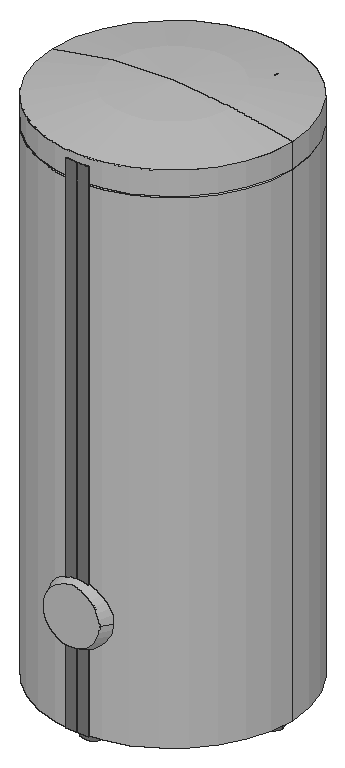
Revit family "VIESSMANN - Vitocell 100-V (CVA.CVAA.CVAA-A) 160-950 L", category Wyposażenie mechaniczne, Revit 2017
Family settings
  Wymiar okrągłego złącza = Użyj średnicy
  Typ części = Normalny
  Numer OmniClass = 23.65.35.11.11
  Tytuł OmniClass = Storage Water Heaters
  Oparty na płaszczyźnie roboczej = Nie
  Zawsze pionowo = Tak
  Tnij formami wycięć po wczytaniu = Tak
  Współdzielony = Nie
  Punkt obliczania pomieszczeń = Nie
Parameters (values of type "Zbiornik CVA 500L")
  Średnica - z izolacją cieplną = 859 mm
  Średnica - bez izolacji cieplnej = 650 mm
  Wysokośc powrotu wody grzewczej = 637.729 mm
  Wysokośc montażu grzałki = 422 mm
  Podział = Średnica z izolacją cieplną  # 859 mm
  Występ króćców = 455 mm
  Wysokość króćca zimna woda użytkowa = 107 mm
  Wysokość króćca zasilania wodą grzewczą = 924 mm
  Wysokość króćca cyrkulacji = 1230 mm
  Wysokość króćca cwu = 1784 mm
  Wysokość = 1948 mm
  Średnica z izolacją cieplną = 859 mm
  Zimna woda użytkowa = 1 1/4"
  Zasilanie wody grzewczej = 1"
  Wysokość - z izolacją cieplną = 1948 mm
  Wysokość - bez izolacji cieplnej = 1844 mm
  Wymiar przechylenia - z izolacją cieplną = 0 mm
  Wymiar przechylenia - bez izolacji cieplnej = 1860 mm
  Wydajność stała (przy podgrzewie cwu z 10 na 60℃) i temperaturze na zasilaniu wodą grzewczą 90℃ = 53000 W
  Wydajność stała (przy podgrzewie cwu z 10 na 60℃) i temperaturze na zasilaniu wodą grzewczą 80℃ = 44000 W
  Wydajność stała (przy podgrzewie cwu z 10 na 60℃) i temperaturze na zasilaniu wodą grzewczą 70℃ = 33000 W
  Wydajność stała (przy podgrzewie cwu z 10 na 45℃) i temperaturze na zasilaniu wodą grzewczą 90℃ = 70000 W
  Wydajność stała (przy podgrzewie cwu z 10 na 45℃) i temperaturze na zasilaniu wodą grzewczą 80℃ = 58000 W
  Wydajność stała (przy podgrzewie cwu z 10 na 45℃) i temperaturze na zasilaniu wodą grzewczą 70℃ = 45000 W
  Wydajność stała (przy podgrzewie cwu z 10 na 45℃) i temperaturze na zasilaniu wodą grzewczą 60℃ = 32000 W
  Wydajność stała (przy podgrzewie cwu z 10 na 45℃) i temperaturze na zasilaniu wodą grzewczą 50℃ = 24000 W
  Wydajność krótkotrwała przy temperaturze na zasilaniu wodą grzewczą 90℃ = "618 L/10min"
  Wydajność krótkotrwała przy temperaturze na zasilaniu wodą grzewczą 80℃ = "583 L/10min"
  Wydajność krótkotrwała przy temperaturze na zasilaniu wodą grzewczą 70℃ = "540 L/10min"
  Współczynnik mocy NL przy temperaturze na zasilaniu wodą grzewczą 90℃ = 21
  Współczynnik mocy NL przy temperaturze na zasilaniu wodą grzewczą 80℃ = 19
  Współczynnik mocy NL przy temperaturze na zasilaniu wodą grzewczą 70℃ = 16.5
  Viessmann Kolor 3 = Viessmann Kolor 3
  Viessmann Kolor 2 = Viessmann Kolor 2
  Viessmann Kolor 1 = Viessmann Kolor 1
  URL = "https://www.viessmann-projektant.pl/baza-urzadzen/zbiorniki-buforowe-i-cwu/podgrzewaczemonowalentne"
  Szerokość - z izolacją cieplną = 923 mm
  Szerokość - bez izolacji cieplnej = 837 mm
  Przepływ po stronie wody użytkowej = 1.72 m³/h
  Przepływ po stronie wody grzewczej = 3.00 m³/h  # constant formula
  Przepływ objętościowy wody grzewczej (przy podgrzewie cwu z 10 na 60℃) przy temperaturze na zasilaniu wodą grzewczą 90℃ = 0.911 m³/h
  Przepływ objętościowy wody grzewczej (przy podgrzewie cwu z 10 na 60℃) przy temperaturze na zasilaniu wodą grzewczą 80℃ = 0.756 m³/h
  Przepływ objętościowy wody grzewczej (przy podgrzewie cwu z 10 na 60℃) przy temperaturze na zasilaniu wodą grzewczą 70℃ = 0.567 m³/h
  Przepływ objętościowy wody grzewczej (przy podgrzewie cwu z 10 na 45℃) przy temperaturze na zasilaniu wodą grzewczą 90℃ = 1.72 m³/h
  Przepływ objętościowy wody grzewczej (przy podgrzewie cwu z 10 na 45℃) przy temperaturze na zasilaniu wodą grzewczą 80℃ = 1.425 m³/h
  Przepływ objętościowy wody grzewczej (przy podgrzewie cwu z 10 na 45℃) przy temperaturze na zasilaniu wodą grzewczą 70℃ = 1.106 m³/h
  Przepływ objętościowy wody grzewczej (przy podgrzewie cwu z 10 na 45℃) przy temperaturze na zasilaniu wodą grzewczą 60℃ = 0.786 m³/h
  Przepływ objętościowy wody grzewczej (przy podgrzewie cwu z 10 na 45℃) przy temperaturze na zasilaniu wodą grzewczą 50℃ = 0.589 m³/h
  Przepływ objętościowy wody grzewczej (dla podanych wydajności stałych) = 3.00 m³/h  # constant formula
  Producent = "Viessmann Sp.z.o.o."  # constant formula
  Powrót wody grzewczej = 1"
  Powierzchnia grzewcza = 1.9 m²
  Pojemność podgrzewacza = 500.0 L
  Opory przepływu po stronie wody użytkowej = 8000.0 Pa
  Opory przepływu po stronie wody grzewczej = 21000.0 Pa
  Opis indeksowy = "9W241/11-13MC/E"  # constant formula
  Opis = "Podgrzewacz pojemnościowy"  # constant formula
  Objętość wody grzewczej = 12.5 L
  Objętość brutto = 512.5 L
  Numer identyfikacyjny produktu = "9W241/11-13MC/E"  # constant formula
  Model = "Podgrzewacz pojemnościowy Viessmann Vitocell 100-V CVA 500L / Hot water storage tank Viessmann Vitocell 100-V CVA 500L"
  Masa całkowita z izolacją cieplną = 181.00 kg
  Maks. ilość pobierana przy temperaturze na zasilaniu wodą grzewczą 90℃ = "62 L/min"
  Maks. ilość pobierana przy temperaturze na zasilaniu wodą grzewczą 80℃ = "58 L/min"
  Maks. ilość pobierana przy temperaturze na zasilaniu wodą grzewczą 70℃ = "54 L/min"
  Klasa efektywności energetycznej = "B"
  Ilość ciepła dyżurnego = "1.95 kWh/24h"
  Czas podgrzewu cwu przy tempraturze zasilania wodą grzewczą 90℃ = "28 min"
  Czas podgrzewu cwu przy tempraturze zasilania wodą grzewczą 80℃ = "36 min"
  Czas podgrzewu cwu przy tempraturze zasilania wodą grzewczą 70℃ = "50 min"
  Cyrkulacja = 1"
  Ciepła woda użytkowa = 1 1/4"
  Autor = "https://www.archispace.pl/"
Types (6, lengths in mm): name | Średnica - z izolacją cieplną | Średnica - bez izolacji cieplnej | Wysokośc powrotu wody grzewczej | Wysokośc montażu grzałki | Podział | Występ króćców | Wysokość króćca zimna woda użytkowa | Wysokość króćca zasilania wodą grzewczą | Wysokość króćca cyrkulacji | Wysokość króćca cwu | Wysokość | Średnica z izolacją cieplną | Zimna woda użytkowa | Zasilanie wody grzewczej | Wysokość - z izolacją cieplną | Wysokość - bez izolacji cieplnej | Wymiar przechylenia - z izolacją cieplną | Wymiar przechylenia - bez izolacji cieplnej | Wydajność stała (przy podgrzewie cwu z 10 na 60℃) i temperaturze na zasilaniu wodą grzewczą 90℃ | Wydajność stała (przy podgrzewie cwu z 10 na 60℃) i temperaturze na zasilaniu wodą grzewczą 80℃ | Wydajność stała (przy podgrzewie cwu z 10 na 60℃) i temperaturze na zasilaniu wodą grzewczą 70℃ | Wydajność stała (przy podgrzewie cwu z 10 na 45℃) i temperaturze na zasilaniu wodą grzewczą 90℃ | Wydajność stała (przy podgrzewie cwu z 10 na 45℃) i temperaturze na zasilaniu wodą grzewczą 80℃ | Wydajność stała (przy podgrzewie cwu z 10 na 45℃) i temperaturze na zasilaniu wodą grzewczą 70℃ | Wydajność stała (przy podgrzewie cwu z 10 na 45℃) i temperaturze na zasilaniu wodą grzewczą 60℃ | Wydajność stała (przy podgrzewie cwu z 10 na 45℃) i temperaturze na zasilaniu wodą grzewczą 50℃ | Wydajność krótkotrwała przy temperaturze na zasilaniu wodą grzewczą 90℃ | Wydajność krótkotrwała przy temperaturze na zasilaniu wodą grzewczą 80℃ | Wydajność krótkotrwała przy temperaturze na zasilaniu wodą grzewczą 70℃ | Współczynnik mocy NL przy temperaturze na zasilaniu wodą grzewczą 90℃ | Współczynnik mocy NL przy temperaturze na zasilaniu wodą grzewczą 80℃ | Współczynnik mocy NL przy temperaturze na zasilaniu wodą grzewczą 70℃ | Szerokość - z izolacją cieplną | Szerokość - bez izolacji cieplnej | Przepływ po stronie wody użytkowej | Przepływ objętościowy wody grzewczej (przy podgrzewie cwu z 10 na 60℃) przy temperaturze na zasilaniu wodą grzewczą 90℃ | Przepływ objętościowy wody grzewczej (przy podgrzewie cwu z 10 na 60℃) przy temperaturze na zasilaniu wodą grzewczą 80℃ | Przepływ objętościowy wody grzewczej (przy podgrzewie cwu z 10 na 60℃) przy temperaturze na zasilaniu wodą grzewczą 70℃ | Przepływ objętościowy wody grzewczej (przy podgrzewie cwu z 10 na 45℃) przy temperaturze na zasilaniu wodą grzewczą 90℃ | Przepływ objętościowy wody grzewczej (przy podgrzewie cwu z 10 na 45℃) przy temperaturze na zasilaniu wodą grzewczą 80℃ | Przepływ objętościowy wody grzewczej (przy podgrzewie cwu z 10 na 45℃) przy temperaturze na zasilaniu wodą grzewczą 70℃ | Przepływ objętościowy wody grzewczej (przy podgrzewie cwu z 10 na 45℃) przy temperaturze na zasilaniu wodą grzewczą 60℃ | Przepływ objętościowy wody grzewczej (przy podgrzewie cwu z 10 na 45℃) przy temperaturze na zasilaniu wodą grzewczą 50℃ | Powrót wody grzewczej | Powierzchnia grzewcza | Pojemność podgrzewacza | Opory przepływu po stronie wody użytkowej | Opory przepływu po stronie wody grzewczej | Objętość wody grzewczej | Objętość brutto | Model | Masa całkowita z izolacją cieplną | Maks. ilość pobierana przy temperaturze na zasilaniu wodą grzewczą 90℃ | Maks. ilość pobierana przy temperaturze na zasilaniu wodą grzewczą 80℃ | Maks. ilość pobierana przy temperaturze na zasilaniu wodą grzewczą 70℃ | Klasa efektywności energetycznej | Ilość ciepła dyżurnego | Czas podgrzewu cwu przy tempraturze zasilania wodą grzewczą 90℃ | Czas podgrzewu cwu przy tempraturze zasilania wodą grzewczą 80℃ | Czas podgrzewu cwu przy tempraturze zasilania wodą grzewczą 70℃ | Cyrkulacja | Ciepła woda użytkowa
  Zbiornik CVAA-A/CVA 200L | 581 | 0 | 249 | 333 | 581 | 317 | 72 | 634 | 884 | 1270 | 1409 | 581 | 3/4" | 1" | 1409 | 0 | 1460 | 0 | 36000 W | 28000 W | 19000 W | 40000 W | 32000 W | 25000 W | 17000 W | 9000 W | "262 L/10min" | "252 L/10min" | "246 L/10min" | 4 | 3.7 | 3.5 | 605 | 0 | 0.982 m³/h | 0.619 m³/h | 0.482 m³/h | 0.327 m³/h | 0.982 m³/h | 0.786 m³/h | 0.614 m³/h | 0.417 m³/h | 0.221 m³/h | 1" | 1.0 m² | 200.0 L | 13000.0 Pa | 10500.0 Pa | 5.5 L | 205.5 L | "Podgrzewacz pojemnościowy Viessmann Vitocell 100-V CVAA-A/CVA 200L / Hot water storage tank Viessmann Vitocell 100-V CVAA-A/CVA 200L" | 97.00 kg | "26 L/min" | "25 L/min" | "25 L/min" | "A/B" | "1.04/1.46 kWh/24h" | "19 min" | "24 min" | "37 min" | 3/4" | 3/4"
  Zbiornik CVAA-A/CVA 160L | 581 | 0 | 249 | 333 | 581 | 317 | 72 | 634 | 884 | 1050 | 1189 | 581 | 3/4" | 1" | 1189 | 0 | 1260 | 0 | 36000 W | 28000 W | 19000 W | 40000 W | 32000 W | 25000 W | 17000 W | 9000 W | "210 L/10min" | "207 L/10min" | "199 L/10min" | 2.5 | 2.4 | 2.2 | 605 | 0 | 0.982 m³/h | 0.619 m³/h | 0.482 m³/h | 0.327 m³/h | 0.982 m³/h | 0.786 m³/h | 0.614 m³/h | 0.417 m³/h | 0.221 m³/h | 1" | 1.0 m² | 160.0 L | 13000.0 Pa | 10500.0 Pa | 5.5 L | 165.5 L | "Podgrzewacz pojemnościowy Viessmann Vitocell 100-V CVAA-A/CVA 160L / Hot water storage tank Viessmann Vitocell 100-V CVAA-A/CVA 160L" | 86.00 kg | "21 L/min" | "21 L/min" | "20 L/min" | "A/B" | "0.97/1.35 kWh/24h" | "19 min" | "24 min" | "34 min" | 3/4" | 3/4"
  Zbiornik CVAA 950L | 1062 | 790 | 637.729 | 502 | 1062 | 555 | 79 | 989 | 1283 | 2094 | 2197 | 1062 | 1 1/4" | 1 1/4" | 2197 | 2123 | 0 | 2286 | 101000 W | 80000 W | 58000 W | 116000 W | 98000 W | 78000 W | 58000 W | 35000 W | "937 L/10min" | "915 L/10min" | "875 L/10min" | 44 | 42 | 39 | 1110 | 1005 | 2.861 m³/h | 1.732 m³/h | 1.381 m³/h | 0.995 m³/h | 2.861 m³/h | 2.398 m³/h | 1.926 m³/h | 1.433 m³/h | 0.869 m³/h | 1 1/4" | 3.9 m² | 950.0 L | 25000.0 Pa | 7700.0 Pa | 33.1 L | 983.1 L | "Podgrzewacz pojemnościowy Viessmann Vitocell 100-V CVAA 950L / Hot water storage tank Viessmann Vitocell 100-V CVAA 950L" | 363.00 kg | "94 L/min" | "92 L/min" | "88 L/min" | "" | "2.48 kWh/24h" | "35 min" | "45 min" | "70 min" | 1 1/4" | 1 1/4"
  Zbiornik CVAA 300L | 667 | 0 | 260 | 333 | 667 | 361 | 76 | 875 | 1115 | 1600 | 1734 | 667 | 1" | 1" | 1734 | 0 | 1825 | 0 | 45000 W | 34000 W | 23000 W | 53000 W | 44000 W | 33000 W | 23000 W | 18000 W | "407 L/10min" | "399 L/10min" | "385 L/10min" | 9.7 | 9.3 | 8.7 | 744 | 0 | 1.302 m³/h | 0.774 m³/h | 0.584 m³/h | 0.395 m³/h | 1.302 m³/h | 1.081 m³/h | 0.811 m³/h | 0.565 m³/h | 0.442 m³/h | 1" | 1.5 m² | 300.0 L | 7000.0 Pa | 18000.0 Pa | 10.0 L | 310.0 L | "Podgrzewacz pojemnościowy Viessmann Vitocell 100-V CVAA 300L / Hot water storage tank Viessmann Vitocell 100-V CVAA 300L" | 156.00 kg | "41 L/min" | "40 L/min" | "39 L/min" | "B" | "1.65 kWh/24h" | "23 min" | "31 min" | "45 min" | 1" | 1"
  Zbiornik CVA 500L | 859 | 650 | 637.729 | 422 | 859 | 455 | 107 | 924 | 1230 | 1784 | 1948 | 859 | 1 1/4" | 1" | 1948 | 1844 | 0 | 1860 | 53000 W | 44000 W | 33000 W | 70000 W | 58000 W | 45000 W | 32000 W | 24000 W | "618 L/10min" | "583 L/10min" | "540 L/10min" | 21 | 19 | 16.5 | 923 | 837 | 1.72 m³/h | 0.911 m³/h | 0.756 m³/h | 0.567 m³/h | 1.72 m³/h | 1.425 m³/h | 1.106 m³/h | 0.786 m³/h | 0.589 m³/h | 1" | 1.9 m² | 500.0 L | 8000.0 Pa | 21000.0 Pa | 12.5 L | 512.5 L | "Podgrzewacz pojemnościowy Viessmann Vitocell 100-V CVA 500L / Hot water storage tank Viessmann Vitocell 100-V CVA 500L" | 181.00 kg | "62 L/min" | "58 L/min" | "54 L/min" | "B" | "1.95 kWh/24h" | "28 min" | "36 min" | "50 min" | 1" | 1 1/4"
  Zbiornik CVAA 750L | 1062 | 790 | 377 | 513 | 1062 | 555 | 79 | 916 | 1179 | 1788 | 1897 | 1062 | 1 1/4" | 1 1/4" | 1897 | 1817 | 0 | 1980 | 94000 W | 75000 W | 54000 W | 109000 W | 91000 W | 73000 W | 54000 W | 33000 W | "850 L/10min" | "770 L/10min" | "665 L/10min" | 38 | 32 | 25 | 1110 | 1005 | 2.67 m³/h | 1.613 m³/h | 1.284 m³/h | 0.923 m³/h | 2.67 m³/h | 2.236 m³/h | 1.794 m³/h | 1.332 m³/h | 0.805 m³/h | 1 1/4" | 3.5 m² | 750.0 L | 20000.0 Pa | 7700.0 Pa | 29.7 L | 779.7 L | "Podgrzewacz pojemnościowy Viessmann Vitocell 100-V CVAA 750L / Hot water storage tank Viessmann Vitocell 100-V CVAA 750L" | 301.00 kg | "85 L/min" | "77 L/min" | "67 L/min" | "" | "2.28 kWh/24h" | "23 min" | "31 min" | "45 min" | 1 1/4" | 1 1/4"
Reference planes
  plane 1 "Środek (Przód/Tył)": y = 0
  plane 2: z = 0
  plane 3 "Środek (Lewa/Prawa)": x = 0
  plane 4: z = 1948
  plane 5: y = 455
  plane 6: z = 107
  plane 7: z = 924
  plane 8: z = 637.729
  plane 9: z = 1230
  plane 10: z = 1784
  plane 11: x = -429.5
  plane 12: x = 429.5
  plane 13: y = 429.5
  plane 14: y = -429.5
  plane 15: x = -100
  plane 16: y = -455
  plane 17: z = 422
Forms (mm)
  Extrusion 1, solid, material "Viessmann Kolor 3" <- "Viessmann Kolor 3", detail levels medium+fine
    sketch origin (0, 0, 0) x (1, 0, 0) y (0, 1, 0)
      loop
        circle (0, 354.722) r 40
      loop
        circle (0, -354.722) r 40
      loop
        circle (-354.5, 0) r 40
      loop
        circle (354.5, 0) r 40
    from 0 to 16.857
  Extrusion 2, solid, material "Viessmann Kolor 3" <- "Viessmann Kolor 3", detail levels medium+fine
    sketch origin (0, 0, 0) x (1, 0, 0) y (0, 1, 0)
      loop
        circle (0, 354.722) r 20
      loop
        circle (0, -354.722) r 20
      loop
        circle (-354.5, 0) r 20
      loop
        circle (354.5, 0) r 20
    from 16.857 to 37.823
  Revolve 3, solid, material "Viessmann Kolor 2" <- "Viessmann Kolor 2", detail levels medium+fine
    sketch origin (0, 0, 0) x (1, 0, 0) y (0, 0, 1)
      loop
        line (0, 37.823) -> (0, 1948) -> (-1.163, 1948)
        arc (-1.163, 1948) -> (-216.705, 1935.816) -> (-429.5, 1899.418) r 1912.575
        line (-429.5, 1899.418) -> (-429.5, 37.823) -> (0, 37.823)
      axis (0, 37.823) -> (0, 1948)
    angle from 0 to 360
  Sweep 4, solid, material "Viessmann Kolor 2" <- "Viessmann Kolor 2"
    path origin (0, 0, 0) x (0, 1, 0) y (0, 0, 1)
      loop
        line (0, 844) -> (455, 844)
    profile origin (0, 227.5, 844) x (0, 0, 1) y (1, 0, 0)
      loop
        circle (-737, 0) r 15.875
      loop
        circle (-206.271, 0) r 12.7
      loop
        circle (386, 0) r 12.7
      loop
        circle (940, 0) r 15.875
      loop
        circle (80, 0) r 12.7
  Sweep 5, solid, material "Viessmann Kolor 2" <- "Viessmann Kolor 2", detail levels medium+fine
    path origin (0, 0, 0) x (0, 1, 0) y (0, 0, 1)
      loop
        line (445, 1784) -> (455, 1784)
    profile origin (0, 450, 1784) x (0, 0, 1) y (1, 0, 0)
      loop
        line (0, 25) -> (-21.651, 12.5) -> (-21.651, -12.5) -> (0, -25) -> (21.651, -12.5) -> (21.651, 12.5) -> (0, 25)
      loop
        line (-554, 25) -> (-575.651, 12.5) -> (-575.651, -12.5) -> (-554, -25) -> (-532.349, -12.5) -> (-532.349, 12.5) -> (-554, 25)
      loop
        line (-860, 25) -> (-881.651, 12.5) -> (-881.651, -12.5) -> (-860, -25) -> (-838.349, -12.5) -> (-838.349, 12.5) -> (-860, 25)
      loop
        line (-1146.271, 25) -> (-1167.922, 12.5) -> (-1167.922, -12.5) -> (-1146.271, -25) -> (-1124.62, -12.5) -> (-1124.62, 12.5) -> (-1146.271, 25)
      loop
        line (-1677, 25) -> (-1698.651, 12.5) -> (-1698.651, -12.5) -> (-1677, -25) -> (-1655.349, -12.5) -> (-1655.349, 12.5) -> (-1677, 25)
  Blend 6, solid, material "Viessmann Kolor 2" <- "Viessmann Kolor 2", detail levels medium+fine
    base sketch origin (0, 0, 0) x (1, 0, 0) y (0, 0, 1)
      loop
        circle (0, 422) r 120
    top sketch origin (0, 0, 0) x (1, 0, 0) y (0, 0, 1)
      loop
        circle (0, 422) r 100
    from 405.014 to 455
  Extrusion 7, void
    sketch origin (0, 0, 0) x (1, 0, 0) y (0, 1, 0)
      loop
        line (40, -421.78) -> (-40, -421.78) -> (-40, -429.5) -> (40, -429.5) -> (40, -421.78)
    from 37.823 to 1872.964
  Extrusion 8, solid, material "Viessmann Kolor 3" <- "Viessmann Kolor 3", detail levels medium+fine
    sketch origin (0, 0, 0) x (1, 0, 0) y (0, 1, 0)
      loop
        line (40, -421.78) -> (-40, -421.78) -> (-40, -429.5) -> (40, -429.5) -> (40, -421.78)
    from 37.823 to 1872.964
  Extrusion 9, solid, material "Viessmann Kolor 2" <- "Viessmann Kolor 2", detail levels coarse
    sketch origin (0, 0, 0) x (1, 0, 0) y (0, 1, 0)
      loop
        circle (0, 0) r 429.5
    from 0 to 1948
  Sweep 10, void
    path origin (0, 0, 0) x (1, 0, 0) y (0, 1, 0)
      loop
        circle (0, 0) r 429.5
    profile origin (0, 429.5, 0) x (0, -1, 0) y (0, 0, 1)
      loop
        line (0, 1814.782) -> (0, 1809.782) -> (32.382, 1809.782) -> (32.382, 1814.782) -> (0, 1814.782)
Cuts and joins
  joined: Extrusion 1, Extrusion 2
  Sweep 10 cuts Revolve 3
  Extrusion 7 cuts Blend 6
  joined: Revolve 3, Blend 6
Dimensions and locks
  "Wysokość": plane 4 to level
  "Występ króćców": plane 5 to plane 1 "Środek (Przód/Tył)"
  "Wysokość króćca zimna woda użytkowa": level to plane 6
  "Wysokość króćca zasilania wodą grzewczą": level to plane 7
  "Wysokośc powrotu wody grzewczej": level to plane 8
  "Wysokość króćca cyrkulacji": level to plane 9
  "Wysokość króćca cwu": level to plane 10
  equal spacing: plane 11, plane 3 "Środek (Lewa/Prawa)", plane 12
  "Podział": plane 11 to plane 12
  equal spacing: plane 13, plane 1 "Środek (Przód/Tył)", plane 14
  "Podział": plane 13 to plane 14
  locked: plane 13 to Extrusion 1 sketch curve at 74.778
  locked: Extrusion 1 sketch curve to plane 14 at 74.778
  locked: plane 11 to Extrusion 1 sketch curve at 75
  locked: Extrusion 1 sketch curve to plane 12 at 75
  locked: plane 13 to Extrusion 2 sketch curve at 74.778
  locked: Extrusion 2 sketch curve to plane 12 at 75
  locked: Extrusion 2 sketch curve to plane 14 at 74.778
  locked: plane 11 to Extrusion 2 sketch curve at 75
  locked: plane 3 "Środek (Lewa/Prawa)" to plane 15 at 100
  locked: Sweep 5 sketch curve to Sweep 5 sketch curve at 10
  "Występ króćców": plane 16 to plane 1 "Środek (Przód/Tył)"
  locked: Blend 6 to plane 16 at 49.986
  locked: Extrusion 7 sketch curve to Extrusion 7 sketch curve at 7.72
  locked: plane 4 to Extrusion 8 at 75.036
  locked: Sweep 10 sketch curve to Sweep 10 sketch curve at 5
  "Wysokośc montażu grzałki": plane 17 to level
  "Ciepła woda użytkowa": diameter of Sweep 4 sketch curve
  "Cyrkulacja": diameter of Sweep 4 sketch curve
  "Zasilanie wody grzewczej": diameter of Sweep 4 sketch curve
  "Powrót wody grzewczej": diameter of Sweep 4 sketch curve
  "Zimna woda użytkowa": diameter of Sweep 4 sketch curve
  "Średnica z izolacją cieplną": diameter of Extrusion 9 sketch curve
  "Średnica z izolacją cieplną": diameter of Sweep 10 sketch curve
  aligned and locked: level to plane 2
  aligned and locked: plane 11 to Revolve 3 sketch curve
  aligned and locked: Revolve 3 sketch curve to plane 4
  aligned and locked: plane 1 "Środek (Przód/Tył)" to Sweep 4 sketch curve
  aligned and locked: plane 5 to Sweep 4 sketch curve
  aligned and locked: plane 10 to Sweep 4 sketch curve
  aligned and locked: plane 3 "Środek (Lewa/Prawa)" to Sweep 4 sketch curve  (x5)
  aligned and locked: plane 9 to Sweep 4 sketch curve
  aligned and locked: plane 8 to Sweep 4 sketch curve
  aligned and locked: plane 6 to Sweep 4 sketch curve
  aligned and locked: plane 7 to Sweep 4 sketch curve
  aligned and locked: plane 5 to Sweep 5 sketch curve
  aligned and locked: plane 10 to Sweep 5 sketch curve  (x2)
  aligned and locked: plane 9 to Sweep 5 sketch curve  (x2)
  aligned and locked: plane 7 to Sweep 5 sketch curve  (x2)
  aligned and locked: plane 8 to Sweep 5 sketch curve  (x2)
  aligned and locked: plane 6 to Sweep 5 sketch curve  (x2)
  aligned and locked: Blend 6 to plane 16
  aligned and locked: Extrusion 7 sketch curve to plane 14
  aligned and locked: Revolve 3 to Extrusion 7
  aligned and locked: Extrusion 7 to Extrusion 8 sketch curve  (x2)
  aligned and locked: Extrusion 8 sketch curve to Extrusion 7  (x2)
  aligned and locked: Extrusion 8 to Extrusion 7
  aligned and locked: plane 3 "Środek (Lewa/Prawa)" to Extrusion 9 sketch curve
  aligned and locked: plane 1 "Środek (Przód/Tył)" to Extrusion 9 sketch curve
  aligned and locked: plane 4 to Extrusion 9
  aligned and locked: Extrusion 9 to level
  aligned and locked: plane 3 "Środek (Lewa/Prawa)" to Sweep 10 sketch curve
  aligned and locked: plane 1 "Środek (Przód/Tył)" to Sweep 10 sketch curve
  aligned and locked: plane 17 to Blend 6 sketch curve  (x2)
Automatic sketch dimensions
  Extrusion 1 sketch curve to plane 3 "Środek (Lewa/Prawa)" = 0 mm  (x2)
  plane 1 "Środek (Przód/Tył)" to Extrusion 1 sketch curve = 0 mm  (x2)
  plane 1 "Środek (Przód/Tył)" to Extrusion 2 sketch curve = 0 mm  (x2)
  Extrusion 2 sketch curve to plane 3 "Środek (Lewa/Prawa)" = 0 mm  (x2)
  Revolve 3 sketch curve to plane 3 "Środek (Lewa/Prawa)" = 0 mm  (x2)
  Revolve 3 sketch curve to plane 4 = 0 mm
  Revolve 3 sketch curve to Revolve 3 sketch curve = 1.163 mm
  level to Revolve 3 sketch curve = 37.823 mm
  Revolve 3 sketch curve to Revolve 3 sketch curve = 2.397 mm
  Revolve 3 sketch curve to Revolve 3 sketch curve = 0 mm
  Sweep 4 sketch curve to plane 7 = 80 mm
  Sweep 5 sketch curve to plane 10 = 0 mm
  profile plane to Sweep 5 sketch curve = 21.651 mm
  Sweep 5 sketch curve to profile plane = 21.651 mm
  Sweep 5 sketch curve to plane 3 "Środek (Lewa/Prawa)" = 25 mm  (x5)
  Sweep 5 sketch curve to plane 3 "Środek (Lewa/Prawa)" = 12.5 mm  (x10)
  plane 3 "Środek (Lewa/Prawa)" to Sweep 5 sketch curve = 12.5 mm  (x10)
  Sweep 5 sketch curve to Sweep 5 sketch curve = 12.5 mm  (x5)
  Sweep 5 sketch curve to Sweep 5 sketch curve = 21.651 mm  (x8)
  Blend 6 sketch curve to plane 3 "Środek (Lewa/Prawa)" = 0 mm  (x2)
  Extrusion 7 sketch curve to plane 3 "Środek (Lewa/Prawa)" = 40 mm
  plane 3 "Środek (Lewa/Prawa)" to Extrusion 7 sketch curve = 40 mm
  Sweep 10 sketch curve to profile plane = 0 mm
  Sweep 10 sketch curve to profile plane = 32.382 mm
  radius of Extrusion 1 sketch curve = 40 mm  (x4)
  radius of Extrusion 2 sketch curve = 20 mm  (x4)
  radius of Blend 6 sketch curve = 120 mm
  radius of Blend 6 sketch curve = 100 mm
Connectors
  piping at (0, 455, 1784), diameter 25.4, driven by "Powrót wody grzewczej", driven by "Przepływ po stronie wody użytkowej", driven by "Opory przepływu po stronie wody użytkowej"
    settings: on Sweep 4, index 1, connector inside diameter 24", connector length 0 mm, flow factor 0, pipe flow 1.72 m³/h, pressure drop 8000.0 Pa, fitting loss kfactor 0, connector angle 0.00°, fixture units 0, engagement length 0 mm, angle of deflection 0.00°, flow configuration 0, flow direction 2, fitting loss method 4, system type 19, joint type 0, gender type 0, connector reference index -1, connector utility 0, adjustable connector no, is connector primary yes, connector description ""
  piping at (0, 455, 107), diameter 25.4, driven by "Przepływ po stronie wody użytkowej", driven by "Opory przepływu po stronie wody użytkowej", driven by "Zasilanie wody grzewczej"
    settings: on Sweep 4, index 2, connector inside diameter 24", connector length 0 mm, flow factor 0, pipe flow 1.72 m³/h, pressure drop 8000.0 Pa, fitting loss kfactor 0, connector angle 0.00°, fixture units 0, engagement length 0 mm, angle of deflection 0.00°, flow configuration 0, flow direction 2, fitting loss method 4, system type 20, joint type 0, gender type 0, connector reference index -1, connector utility 0, adjustable connector no, is connector primary no, connector description ""
  piping at (0, 455, 637.729), diameter 25.4, driven by "Powrót wody grzewczej", driven by "Przepływ po stronie wody grzewczej"
    settings: on Sweep 4, index 3, connector inside diameter 24", connector length 0 mm, flow factor 0, pipe flow 3.00 m³/h, pressure drop 0.0 Pa, fitting loss kfactor 0, connector angle 0.00°, fixture units 0, engagement length 0 mm, angle of deflection 0.00°, flow configuration 0, flow direction 1, fitting loss method 0, system type 8, joint type 0, gender type 0, connector reference index -1, connector utility 0, adjustable connector no, is connector primary no, connector description ""
  piping at (0, 455, 924), diameter 25.4, driven by "Przepływ po stronie wody grzewczej", driven by "Zasilanie wody grzewczej"
    settings: on Sweep 4, index 4, connector inside diameter 24", connector length 0 mm, flow factor 0, pipe flow 3.00 m³/h, pressure drop 0.0 Pa, fitting loss kfactor 0, connector angle 0.00°, fixture units 0, engagement length 0 mm, angle of deflection 0.00°, flow configuration 0, flow direction 2, fitting loss method 4, system type 7, joint type 0, gender type 0, connector reference index -1, connector utility 0, adjustable connector no, is connector primary no, connector description ""
  piping at (0, 455, 1230), diameter 25.4, driven by "Cyrkulacja"
    settings: on Sweep 4, index 5, connector inside diameter 24", connector length 0 mm, flow factor 0, pipe flow 0.00 m³/h, pressure drop 0.0 Pa, fitting loss kfactor 0, connector angle 0.00°, fixture units 0, engagement length 0 mm, angle of deflection 0.00°, flow configuration 0, flow direction 2, fitting loss method 0, system type 22, joint type 0, gender type 0, connector reference index -1, connector utility 0, adjustable connector no, is connector primary no, connector description ""
  piping at (0, 455, 107), diameter 31.75, driven by "Zimna woda użytkowa", driven by "Przepływ po stronie wody użytkowej"
    settings: on Sweep 4, index 6, connector inside diameter 24", connector length 0 mm, flow factor 0, pipe flow 1.72 m³/h, pressure drop 0.0 Pa, fitting loss kfactor 0, connector angle 0.00°, fixture units 0, engagement length 0 mm, angle of deflection 0.00°, flow configuration 0, flow direction 2, fitting loss method 0, system type 20, joint type 0, gender type 0, connector reference index -1, connector utility 0, adjustable connector no, is connector primary no, connector description ""
